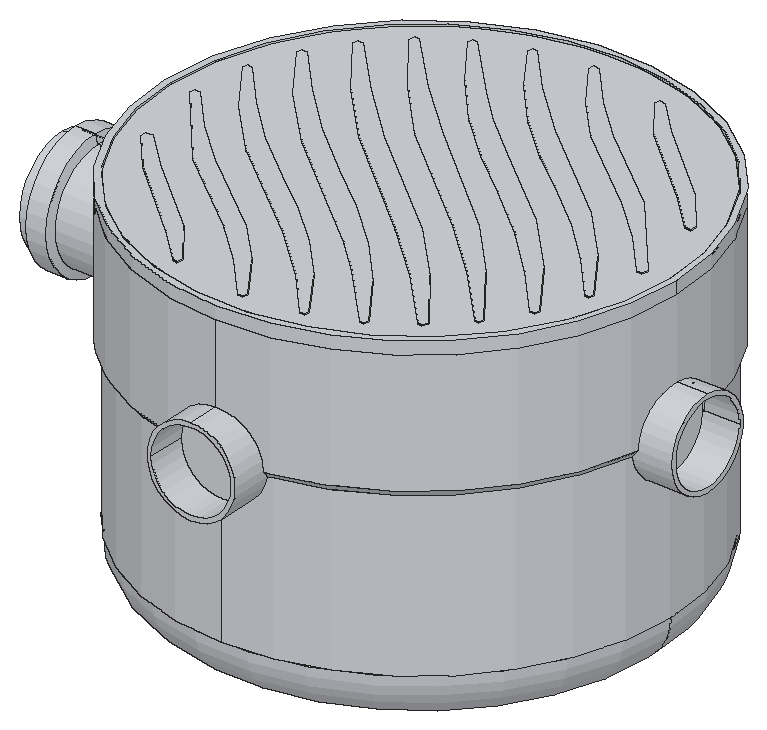
Revit family "Cx_Sifonada_Tampa Branca", category Plumbing Fixtures, host Face, Revit 2025
Family settings
  Host = Face
  Round Connector Dimension = Use Radius
  Part Type = Normal
  Enable Cutting in Views = No
  Cut with Voids When Loaded = No
  Maintain Annotation Orientation = No
  Shared = No
  Room Calculation Point = No
Parameters (values of type "250 x 172 x 50")
  URL = "http://www.tigre.com.br"
  UHC [instance] = 2
  Tigre: Sistema = "Esgoto"  # constant formula
  Tigre: Norma = ""
  Tigre: Material = "PVC Branco"  # constant formula
  Tigre: Marcador [instance] = "00"
  Tigre: Link do Produto = "http://www.tigre.com.br/pt/produtos_unico.php?rcr_id=4&cpr_id=10&cpr_id_pai=4&lnh_id=11&prd_id=123"
  Tigre: Linha = "Caixas e Ralos"  # constant formula
  Tigre: Fabricante = "© Tigre S/A"  # constant formula
  Tigre: Descrição = "Caixa Sifonada Montada c/ Tampa Branca 250 x 172 x 50mm, Esgoto - TIGRE"
  Tigre: Código com Separador [instance] = "27.13.132.8"
  Tigre: Código = 27131328
  Tigre: Comentários [instance] = ""
  Raio do Corpo 2 = 125.00 mm
  Raio do Corpo 1 = 128.00 mm
  Raio Interno Porta Grelha = 48.70 mm
  Raio Externo Porta Grelha = 53.50 mm
  Raio do Anel = 31.40 mm
  Raio Nominal 2 = Diâmetro Nominal 2 / 2  # 20.00 mm
  Raio Nominal 1 = Diâmetro Nominal 1 / 2  # 25.00 mm
  Raio Externo 2 = Raio Nominal 2 + 2.00 mm  # 22.00 mm
  Raio Externo 1 = Raio Nominal 1 + 2.00 mm  # 27.00 mm
  Prolongador. [instance] = none
  Prolongador [instance] = Distância do Prolongador > 0.00 mm  # no
  Porta Grelha [instance] = none
  Tampa [instance] = none
  P_Grelha = yes
  Model = ""
  Manufacturer = Tigre: Fabricante  # "© Tigre S/A"
  Grelha = yes
  Diâmetro Nominal 2 = 40.00 mm
  Diâmetro Nominal 1 = 50.00 mm
  Detalhes = Cota A = 230.00 mm  # no
  Description = Tigre: Descrição  # "Caixa Sifonada Montada c/ Tampa Branca 250 x 172 x 50mm, Esgoto - TIGRE"
  Default Elevation = 0.00 mm
  Cota L1 = 179.00 mm
  Distância do Prolongador [instance] = 0.00 mm
  Cota C = 111.00 mm
  Cota B = 111.00 mm
  Cota A = 172.00 mm
  Comprimento do Tubo [instance] = if(Distância do Prolongador > 0.00 mm, Distância do Prolongador + 12.00 mm, Distância do Prolongador + 1.00 mm)  # 1.00 mm
  Caixas e Ralos [instance] = none
  Anel = 10.00 mm
Types (5, lengths in mm): name | Tigre: Link do Produto | Tigre: Descrição | Tigre: Código com Separador | Tigre: Código | Raio do Anel | Raio Nominal 2 | Raio Nominal 1 | Raio Externo 2 | Raio Externo 1 | P_Grelha | Grelha | Diâmetro Nominal 2 | Diâmetro Nominal 1 | Detalhes | Description | Cota C | Cota B | Cota A
  (no name) | "http://www.tigre.com.br/pt/produtos_unico.php?rcr_id=4&cpr_id=10&cpr_id_pai=4&lnh_id=11&prd_id=123" | "Caixa Sifonada Montada c/ Tampa Branca 250 x 172 x 50mm, Esgoto - TIGRE" | "27.13.132.8" | 27131328 | 31.40 | 20.00 | 25.00 | 22.00 | 27.00 | yes | yes | 40.00 | 50.00 | no | "Caixa Sifonada Montada c/ Tampa Branca 250 x 172 x 50mm, Esgoto - TIGRE" | 111.00 | 111.00 | 172.00
  250 x 172 x 50 | "http://www.tigre.com.br/pt/produtos_unico.php?rcr_id=4&cpr_id=10&cpr_id_pai=4&lnh_id=11&prd_id=123" | "Caixa Sifonada Montada c/ Tampa Branca 250 x 172 x 50mm, Esgoto - TIGRE" | "27.13.132.8" | 27131328 | 31.40 | 20.00 | 25.00 | 22.00 | 27.00 | yes | yes | 40.00 | 50.00 | no | "Caixa Sifonada Montada c/ Tampa Branca 250 x 172 x 50mm, Esgoto - TIGRE" | 111.00 | 111.00 | 172.00
  250 x 230 x 75 | "http://www.tigre.com.br/pt/produtos_unico.php?rcr_id=4&cpr_id=10&cpr_id_pai=4&lnh_id=11&prd_id=123" | "Caixa Sifonada Montada c/ Tampa Branca 250 x 230 x 75mm, Esgoto - TIGRE" | "27.13.134.4" | 27131344 | 44.00 | 25.00 | 37.50 | 27.00 | 39.50 | yes | yes | 50.00 | 75.00 | yes | "Caixa Sifonada Montada c/ Tampa Branca 250 x 230 x 75mm, Esgoto - TIGRE" | 169.00 | 129.00 | 230.00
  Corpo - 250 x 172 x 50 | "http://www.tigre.com.br/pt/produtos_unico.php?rcr_id=4&cpr_id=10&cpr_id_pai=4&lnh_id=11&prd_id=131" | "Corpo Caixa Sifonada - 250 x 172 x 50mm, Esgoto - TIGRE" | "27.15.023.3" | 27150233 | 31.40 | 20.00 | 25.00 | 22.00 | 27.00 | no | no | 40.00 | 50.00 | no | "Corpo Caixa Sifonada - 250 x 172 x 50mm, Esgoto - TIGRE" | 111.00 | 111.00 | 172.00
  Corpo - 250 x 230 x 75 | "http://www.tigre.com.br/pt/produtos_unico.php?rcr_id=4&cpr_id=10&cpr_id_pai=4&lnh_id=11&prd_id=131" | "Corpo Caixa Sifonada - 250 x 230 x 75mm, Esgoto - TIGRE" | "27.15.022.5" | 27150225 | 44.00 | 25.00 | 37.50 | 27.00 | 39.50 | no | no | 50.00 | 75.00 | yes | "Corpo Caixa Sifonada - 250 x 230 x 75mm, Esgoto - TIGRE" | 169.00 | 129.00 | 230.00
Reference planes
  plane 1 "Center (Front/Back)": y = 0
  plane 2: z = 0
  plane 3 "Center (Left/Right)": x = 0
  plane 4: z = -178.5
  plane 5: z = -6.5
  plane 6: z = -67.5
  plane 7: z = -67.5
  plane 8: z = -3.5
  plane 9: z = -6.5
Forms (mm)
  Sweep 1, solid, material <- "Caixas e Ralos", detail levels fine
    path origin (0, 0, 0) x (1, 0, 0) y (0, 0, 1)
      loop
        line (0, -6.5) -> (0, -67.5)
    profile origin (0, 0, -37) x (0, -1, 0) y (1, 0, 0)
      loop
        circle (0, 0) r 128
  Revolve 2, solid, material <- "Caixas e Ralos", detail levels fine
    sketch origin (0, 0, 0) x (1, 0, 0) y (0, 0, 1)
      loop
        line (0, -152.137) -> (-125, -152.137)
        arc (-125, -152.137) -> (-117.279, -170.779) -> (-98.637, -178.5) r 26.363
        line (-98.637, -178.5) -> (0, -178.5) -> (0, -152.137)
      axis (0, -152.137) -> (0, -178.5)
    angle from 0 to 360
  Sweep 3, solid, material <- "Caixas e Ralos", detail levels fine
    path origin (0, 0, 0) x (1, 0, 0) y (0, 0, 1)
      loop
        line (0, -67.5) -> (-179, -67.5)
    profile origin (-89.5, 0, -67.5) x (0, 0, -1) y (0, -1, 0)
      loop
        circle (0, 0) r 27
  SweptBlend 4, solid, material <- "Caixas e Ralos", detail levels fine
    path origin (0, 0, 0) x (1, 0, 0) y (0, 0, 1)
      loop
        line (-173.761, -67.5) -> (-172.421, -67.5)
    profile origin (-173.761, 0, -67.5) x (0, 0, 1) y (0, -1, 0)
      loop
        circle (0, 0) r 27
    end profile origin (-172.421, 0, -67.5) x (0, 0, 1) y (0, -1, 0)
      loop
        circle (0, 0) r 31.4
  Sweep 5, solid, material <- "Caixas e Ralos", detail levels fine
    path origin (0, 0, 0) x (1, 0, 0) y (0, 0, 1)
      loop
        line (-172.421, -67.5) -> (-162.421, -67.5)
    profile origin (-167.421, 0, -67.5) x (0, 0, 1) y (0, -1, 0)
      loop
        circle (0, 0) r 31.4
  SweptBlend 6, solid, material <- "Caixas e Ralos", detail levels fine
    path origin (0, 0, 0) x (1, 0, 0) y (0, 0, 1)
      loop
        line (-162.421, -67.5) -> (-161.487, -67.5)
    profile origin (-162.421, 0, -67.5) x (0, 0, 1) y (0, -1, 0)
      loop
        circle (0, 0) r 31.4
    end profile origin (-161.487, 0, -67.5) x (0, 0, 1) y (0, -1, 0)
      loop
        circle (0, 0) r 27
  Sweep 7, solid, material <- "Caixas e Ralos", detail levels fine
    path origin (0, 0, 0) x (1, 0, 0) y (0, 0, 1)
      loop
        line (0, -71) -> (0, -152.137)
    profile origin (0, 0, -111.569) x (0, -1, 0) y (1, 0, 0)
      loop
        circle (0, 0) r 125
  SweptBlend 8, solid, material <- "Caixas e Ralos", detail levels fine
    path origin (0, 0, 0) x (1, 0, 0) y (0, 0, 1)
      loop
        line (0, -71) -> (0, -67.5)
    profile origin (0, 0, -71) x (-1, 0, 0) y (0, -1, 0)
      loop
        circle (0, 0) r 125
    end profile origin (0, 0, -67.5) x (-1, 0, 0) y (0, -1, 0)
      loop
        circle (0, 0) r 128
  Sweep 9, solid, material <- "Caixas e Ralos", detail levels fine
    path origin (0, 0, 0) x (1, 0, 0) y (0, 0, 1)
      loop
        line (0, -67.5) -> (143.5, -67.5)
    profile origin (71.75, 0, -67.5) x (0, 0, 1) y (0, -1, 0)
      loop
        circle (0, 0) r 22
  Sweep 10, solid, material <- "Caixas e Ralos", detail levels fine
    path origin (0, 0, 0) x (0, 1, 0) y (0, 0, 1)
      loop
        line (143.5, -67.5) -> (-143.5, -67.5)
    profile origin (0, 0, -67.5) x (0, 0, -1) y (1, 0, 0)
      loop
        circle (0, 0) r 22
  Sweep 11, void
    path origin (0, 0, 0) x (0, 1, 0) y (0, 0, 1)
      loop
        line (0, -67.5) -> (0, -152.1)
    profile origin (0, 0, -109.8) x (1, 0, 0) y (0, 1, 0)
      loop
        circle (0, 0) r 120
  Sweep 12, void
    path origin (0, 0, 0) x (0, 1, 0) y (0, 0, 1)
      loop
        line (0, -6.5) -> (0, -67.5)
    profile origin (0, 0, -37) x (1, 0, 0) y (0, 1, 0)
      loop
        circle (0, 0) r 125
  Sweep 13, solid, material <- "Tampa", visible <- "Grelha", detail levels fine
    path origin (0, 0, 0) x (1, 0, 0) y (0, 0, 1)
      loop
        line (0, -3.5) -> (0, -0.5)
    profile origin (0, 0, -2) x (-1, 0, 0) y (0, -1, 0)
      loop
        circle (0, 0) r 124.478
  Extrusion 14, solid, material <- "Tampa", visible <- "Grelha", detail levels fine
    sketch origin (0, 0, 0) x (1, 0, 0) y (0, 1, 0)
      loop
        line (36.076, 107.549) -> (33.303, 108.038) -> (32.809, 105.234) -> (48.425, 85.246) -> (85.672, 52.868) -> (103.774, 35.387) -> (106.966, 35.387) -> (106.966, 38.672) -> (90.896, 57.823) -> (51.925, 91.7) -> (36.076, 107.549)
      loop
        line (-1.353, 113.159) -> (-4.035, 113.632) -> (-4.532, 110.815) -> (11.414, 88.868) -> (29.994, 69.204) -> (72.587, 35.412) -> (92.633, 16.98) -> (110.892, -3.298) -> (113.384, -3.298) -> (114.081, -0.695) -> (79.574, 40.43) -> (36.487, 74.614) -> (16.943, 92.838) -> (-1.353, 113.159)
      loop
        line (-28.995, 109.13) -> (-31.532, 109.397) -> (-31.959, 106.975) -> (-15.635, 83.983) -> (3.271, 62.986) -> (24.621, 43.762) -> (43.802, 29.308) -> (68.217, 9.537) -> (88.16, -9.957) -> (107.093, -31.184) -> (109.617, -31.539) -> (110.108, -29.014) -> (92.113, -4.246) -> (68.243, 21.352) -> (15.977, 63.676) -> (-9.244, 87.195) -> (-28.995, 109.13)
      loop
        line (-51.993, 100.236) -> (-54.218, 100.469) -> (-54.613, 97.978) -> (-36.274, 72.738) -> (-15.686, 49.872) -> (6.303, 29.777) -> (29.378, 11.749) -> (55.119, -9.851) -> (77.582, -31.542) -> (98.227, -54.205) -> (100.769, -54.428) -> (101.205, -51.956) -> (81.552, -24.906) -> (54.825, 3.228) -> (13.04, 37.815) -> (-8.111, 55.322) -> (-24.609, 71.254) -> (-51.993, 100.236)
      loop
        line (-73.793, 84.72) -> (-50.863, 55.37) -> (-24.988, 27.737) -> (32.38, -20.4) -> (59.768, -45.94) -> (85.62, -73.391) -> (88.133, -73.611) -> (88.528, -71.116) -> (65.819, -41.209) -> (40.267, -14.076) -> (-16.536, 34.249) -> (-44.483, 59.788) -> (-70.754, 87.591) -> (-73.241, 87.853) -> (-73.793, 84.72)
      loop
        line (-36.701, -109.424) -> (-33.928, -109.913) -> (-33.434, -107.109) -> (-49.05, -87.121) -> (-86.297, -54.743) -> (-104.399, -37.262) -> (-107.591, -37.262) -> (-107.591, -40.547) -> (-91.521, -59.698) -> (-52.55, -93.575) -> (-36.701, -109.424)
      loop
        line (0.728, -115.034) -> (3.41, -115.507) -> (3.907, -112.69) -> (-12.039, -90.743) -> (-30.619, -71.079) -> (-73.212, -37.287) -> (-93.258, -18.855) -> (-111.517, 1.423) -> (-114.009, 1.423) -> (-114.706, -1.18) -> (-80.199, -42.305) -> (-37.112, -76.489) -> (-17.568, -94.713) -> (0.728, -115.034)
      loop
        line (28.37, -111.005) -> (30.907, -111.272) -> (31.334, -108.85) -> (15.01, -85.858) -> (-3.896, -64.861) -> (-25.246, -45.637) -> (-44.427, -31.183) -> (-68.842, -11.412) -> (-88.785, 8.082) -> (-107.718, 29.309) -> (-110.242, 29.664) -> (-110.733, 27.139) -> (-92.738, 2.371) -> (-68.868, -23.227) -> (-16.602, -65.551) -> (8.619, -89.07) -> (28.37, -111.005)
      loop
        line (51.368, -102.111) -> (53.593, -102.344) -> (53.988, -99.853) -> (35.649, -74.613) -> (15.061, -51.747) -> (-6.928, -31.652) -> (-30.003, -13.624) -> (-55.744, 7.976) -> (-78.207, 29.667) -> (-98.852, 52.33) -> (-101.394, 52.553) -> (-101.83, 50.081) -> (-82.177, 23.031) -> (-55.45, -5.103) -> (-13.665, -39.69) -> (7.486, -57.197) -> (23.984, -73.129) -> (51.368, -102.111)
      loop
        line (73.168, -86.595) -> (50.238, -57.245) -> (24.363, -29.612) -> (-33.005, 18.525) -> (-60.393, 44.065) -> (-86.245, 71.516) -> (-88.758, 71.736) -> (-89.153, 69.241) -> (-66.444, 39.334) -> (-40.892, 12.201) -> (15.911, -36.124) -> (43.858, -61.663) -> (70.129, -89.466) -> (72.616, -89.728) -> (73.168, -86.595)
    from -0.5 to 0
  Sweep 15, solid, material <- "Porta Grelha", visible <- "P_Grelha", detail levels fine
    path origin (0, 0, 0) x (1, 0, 0) y (0, 0, 1)
      loop
        line (0, -6.5) -> (0, 0)
    profile origin (0, 0, -3.25) x (-1, 0, 0) y (0, -1, 0)
      loop
        circle (0, 0) r 128
      loop
        circle (0, 0) r 125
  Revolve 16, solid, material <- "Porta Grelha", visible <- "P_Grelha", detail levels fine
    sketch origin (0, 0, 0) x (1, 0, 0) y (0, 0, 1)
      loop
        line (-118.92, -23) -> (-118.92, -3.5) -> (-125, -3.5) -> (-125, -6.5) -> (-123.509, -6.5) -> (-123.509, -15) -> (-121.821, -15) -> (-121.821, -23) -> (-118.92, -23)
      axis (0, -23) -> (0, -3.5)
    angle from 0 to 360
  Sweep 17, void
    path origin (196.171, -4572, -67.5) x (0, -1, 0) y (1, 0, 0)
      loop
        line (-4428.5, -196.171) -> (-4447, -196.171)
    profile origin (0, -134.25, -67.5) x (-1, 0, 0) y (0, 0, 1)
      loop
        circle (0, 0) r 20
  Sweep 18, void
    path origin (196.171, -4572, -67.5) x (0, -1, 0) y (1, 0, 0)
      loop
        line (-4715.5, -196.171) -> (-4697, -196.171)
    profile origin (0, 134.25, -67.5) x (1, 0, 0) y (0, 0, 1)
      loop
        circle (0, 0) r 20
  Sweep 19, void
    path origin (196.171, -4572, -67.5) x (0, -1, 0) y (1, 0, 0)
      loop
        line (-4572, -52.671) -> (-4572, -71.171)
    profile origin (134.25, 0, -67.5) x (0, -1, 0) y (0, 0, 1)
      loop
        circle (0, 0) r 20
  Sweep 20, void
    path origin (196.171, -4572, -67.5) x (0, -1, 0) y (1, 0, 0)
      loop
        line (-4572, -375.171) -> (-4572, -324.171)
    profile origin (-153.5, 0, -67.5) x (0, 1, 0) y (0, 0, 1)
      loop
        circle (0, 0) r 25
Cuts and joins
  Sweep 11, Sweep 12, Sweep 17, Sweep 18, Sweep 19, Sweep 20 cuts Sweep 1
  Sweep 11, Sweep 12, Sweep 17, Sweep 18, Sweep 19, Sweep 20 cuts Revolve 2
  Sweep 11, Sweep 12, Sweep 17, Sweep 18, Sweep 19, Sweep 20 cuts Sweep 3
  Sweep 11, Sweep 12, Sweep 17, Sweep 18, Sweep 19, Sweep 20 cuts SweptBlend 4
  Sweep 11, Sweep 12, Sweep 17, Sweep 18, Sweep 19, Sweep 20 cuts Sweep 5
  Sweep 11, Sweep 12, Sweep 17, Sweep 18, Sweep 19, Sweep 20 cuts SweptBlend 6
  Sweep 11, Sweep 12, Sweep 17, Sweep 18, Sweep 19, Sweep 20 cuts Sweep 7
  Sweep 11, Sweep 12, Sweep 17, Sweep 18, Sweep 19, Sweep 20 cuts SweptBlend 8
  Sweep 11, Sweep 12, Sweep 19 cuts Sweep 9
  Sweep 11, Sweep 12, Sweep 17, Sweep 18 cuts Sweep 10
  joined: Sweep 1, Revolve 2, Sweep 3, SweptBlend 4, Sweep 5, SweptBlend 6, Sweep 7, SweptBlend 8, Sweep 9, Sweep 10
  joined: Sweep 13, Extrusion 14
  joined: Sweep 15, Revolve 16
Lines and regions (mm)
  model lines, detail levels coarse+medium
    curve 1: line (-128, 0, -67.5) -> (-80, 0, -67.5)
    curve 2: line (-128, 22, -67.5) -> (-128, -22, -67.5)
    curve 3: circle (0, 0, -67.5) r 80 normal (0, 0, -1)
    curve 4: line (80, 0, -67.5) -> (125, 0, -67.5)
    curve 5: line (0, 80, -67.5) -> (0, 125, -67.5)
    curve 6: line (0, -80, -67.5) -> (0, -125, -67.5)
    curve 7: line (-22, -125, -67.5) -> (22, -125, -67.5)
    curve 8: line (125, 22, -67.5) -> (125, -22, -67.5)
    curve 9: line (-22, 125, -67.5) -> (22, 125, -67.5)
  model lines, visible <- "Detalhes", detail levels coarse+medium
    curve 10: line (-80, 0, -67.5) -> (-80, 0, -71)
Dimensions and locks
  "Cota A": plane 5 to plane 4
  "Cota B": plane 6 to plane 4
  "Cota L1": plane 3 "Center (Left/Right)" to Sweep 3 sketch curve
  locked: cut or joined group of Sweep 1, Revolve 2, Sweep 3, SweptBlend 4, Sweep 5, SweptBlend 6, Sweep 7, SweptBlend 8, Sweep 9, Sweep 10, Sweep 11, Sweep 12, Sweep 17, Sweep 18, Sweep 19, Sweep 20 to SweptBlend 4 sketch curve at 5.239
  locked: SweptBlend 4 sketch curve to SweptBlend 4 sketch curve at 1.34
  "Anel": Sweep 5 sketch curve to Sweep 5 sketch curve
  locked: SweptBlend 6 sketch curve to SweptBlend 6 sketch curve at 0.934
  "Cota C": plane 7 to plane 4
  Sweep 7 sketch curve to plane 4 = 26.363 mm
  plane 7 to Sweep 7 sketch curve = 3.50 mm
  plane 7 to SweptBlend 8 sketch curve = 3.50 mm
  "Raio do Corpo 2": plane 3 "Center (Left/Right)" to Revolve 2 sketch curve
  Sweep 9 sketch curve to plane 3 "Center (Left/Right)" = 143.50 mm
  Sweep 11 sketch curve to plane 4 = 26.40 mm
  locked: level to Sweep 13 sketch curve at 0.5
  locked: level to plane 8 at 3.5
  "Distância do Prolongador": plane 9 to plane 5
  plane 8 to Revolve 16 sketch curve to Revolve 16 sketch curve = 11.50 mm locked, 8.00 mm locked
  "Raio do Corpo 1": radius of Sweep 1 sketch curve
  "Raio Externo 1": radius of Sweep 3 sketch curve
  "Raio do Anel": radius of SweptBlend 4 sketch curve
  "Raio Externo 1": radius of SweptBlend 6 sketch curve
  "Raio do Corpo 2": radius of Sweep 7 sketch curve
  "Raio Externo 2": radius of Sweep 9 sketch curve
  "Raio Externo 2": radius of Sweep 10 sketch curve
  "Raio Nominal 2": radius of Sweep 17 sketch curve
  "Raio Nominal 2": radius of Sweep 18 sketch curve
  "Raio Nominal 2": radius of Sweep 19 sketch curve
  "Raio Nominal 1": radius of Sweep 20 sketch curve
  aligned and locked: plane 2 to host face
  aligned and locked: level to host face
  aligned and locked: plane 5 to Sweep 1 sketch curve
  aligned and locked: Sweep 1 sketch curve to plane 3 "Center (Left/Right)"
  aligned and locked: Revolve 2 sketch curve to plane 3 "Center (Left/Right)"
  aligned and locked: plane 4 to Revolve 2 sketch curve
  aligned and locked: Revolve 2 sketch curve to plane 4
  aligned and locked: SweptBlend 4 sketch curve to Sweep 3  (x2)
  aligned and locked: cut or joined group of Sweep 1, Revolve 2, Sweep 3, SweptBlend 4, Sweep 5, SweptBlend 6, Sweep 7, SweptBlend 8, Sweep 9, Sweep 10, Sweep 11, Sweep 12, Sweep 17, Sweep 18, Sweep 19, Sweep 20 to Sweep 5 sketch curve
  aligned and locked: Sweep 5 sketch curve to cut or joined group of Sweep 1, Revolve 2, Sweep 3, SweptBlend 4, Sweep 5, SweptBlend 6, Sweep 7, SweptBlend 8, Sweep 9, Sweep 10, Sweep 11, Sweep 12, Sweep 17, Sweep 18, Sweep 19, Sweep 20  (x2)
  aligned and locked: Sweep 5 to SweptBlend 6 sketch curve
  aligned and locked: SweptBlend 6 sketch curve to Sweep 5  (x2)
  aligned and locked: Sweep 3 sketch curve to plane 6
  aligned and locked: plane 6 to Sweep 5 sketch curve
  aligned and locked: plane 6 to SweptBlend 4 sketch curve
  aligned and locked: plane 6 to SweptBlend 6 sketch curve
  aligned and locked: Sweep 7 sketch curve to plane 3 "Center (Left/Right)"
  aligned and locked: plane 7 to Sweep 1 sketch curve
  aligned and locked: plane 7 to SweptBlend 8 sketch curve
  aligned and locked: SweptBlend 8 sketch curve to cut or joined group of Sweep 1, Revolve 2, Sweep 3, SweptBlend 4, Sweep 5, SweptBlend 6, Sweep 7, SweptBlend 8, Sweep 9, Sweep 10, Sweep 11, Sweep 12, Sweep 17, Sweep 18, Sweep 19, Sweep 20  (x2)
  aligned and locked: SweptBlend 8 sketch curve to Sweep 7  (x2)
  aligned and locked: Revolve 2 sketch curve to Sweep 7
  aligned and locked: Revolve 2 sketch curve to Revolve 2 sketch curve
  aligned and locked: plane 3 "Center (Left/Right)" to Sweep 9 sketch curve
  aligned and locked: plane 7 to Sweep 9 sketch curve
  aligned and locked: plane 7 to Sweep 10 sketch curve
  aligned and locked: Sweep 11 sketch curve to plane 1 "Center (Front/Back)"
  aligned and locked: plane 7 to Sweep 11 sketch curve
  aligned and locked: Sweep 12 sketch curve to plane 1 "Center (Front/Back)"
  aligned and locked: plane 7 to Sweep 12 sketch curve
  aligned and locked: plane 5 to Sweep 12 sketch curve
  aligned and locked: Sweep 12 sketch curve to cut or joined group of Sweep 1, Revolve 2, Sweep 3, SweptBlend 4, Sweep 5, SweptBlend 6, Sweep 7, SweptBlend 8, Sweep 9, Sweep 10, Sweep 11, Sweep 12, Sweep 17, Sweep 18, Sweep 19, Sweep 20  (x2)
  aligned and locked: Sweep 13 sketch curve to plane 3 "Center (Left/Right)"
  aligned and locked: plane 8 to Sweep 13 sketch curve
  aligned and locked: Extrusion 14 to Sweep 13
  aligned and locked: level to Extrusion 14
  aligned and locked: level to Sweep 15 sketch curve
  aligned and locked: plane 9 to Sweep 15 sketch curve
  aligned and locked: Revolve 16 sketch curve to plane 8
  aligned and locked: Revolve 16 sketch curve to plane 9
  aligned and locked: plane 9 to nested 1
  aligned and locked: curve 2 to cut or joined group of Sweep 1, Revolve 2, Sweep 3, SweptBlend 4, Sweep 5, SweptBlend 6, Sweep 7, SweptBlend 8, Sweep 9, Sweep 10, Sweep 11, Sweep 12, Sweep 17, Sweep 18, Sweep 19, Sweep 20
Automatic sketch dimensions
  host sketch curve to host sketch curve = 359.389 mm
  host sketch curve to host sketch curve = 358.23 mm
  plane 1 "Center (Front/Back)" to Sweep 1 sketch curve = 0.00 mm
  Sweep 1 sketch curve to profile plane = 0.00 mm
  Sweep 3 sketch curve to plane 1 "Center (Front/Back)" = 0.00 mm
  Sweep 3 sketch curve to profile plane = 0.00 mm
  Sweep 3 sketch curve to plane 3 "Center (Left/Right)" = 0.00 mm
  SweptBlend 4 sketch curve to plane 1 "Center (Front/Back)" = 0.00 mm
  profile plane to SweptBlend 4 sketch curve = 0.00 mm
  SweptBlend 6 sketch curve to plane 1 "Center (Front/Back)" = 0.00 mm
  profile plane to SweptBlend 6 sketch curve = 0.00 mm
  plane 1 "Center (Front/Back)" to Sweep 7 sketch curve = 0.00 mm
  Sweep 7 sketch curve to profile plane = 0.00 mm
  SweptBlend 8 sketch curve to plane 3 "Center (Left/Right)" = 0.00 mm
  Revolve 2 sketch curve to plane 4 = 0.00 mm
  Revolve 2 sketch curve to plane 4 = 7.21 mm
  Sweep 9 sketch curve to plane 1 "Center (Front/Back)" = 0.00 mm
  profile plane to Sweep 9 sketch curve = 0.00 mm
  Sweep 10 sketch curve to plane 3 "Center (Left/Right)" = 0.00 mm
  Sweep 10 sketch curve to profile plane = 0.00 mm
  Sweep 11 sketch curve to plane 3 "Center (Left/Right)" = 0.00 mm
  profile plane to Sweep 11 sketch curve = 0.00 mm
  plane 1 "Center (Front/Back)" to Sweep 13 sketch curve = 0.00 mm
  Sweep 13 sketch curve to profile plane = 0.00 mm
  plane 1 "Center (Front/Back)" to Sweep 10 sketch curve = 143.50 mm
  Sweep 10 sketch curve to plane 1 "Center (Front/Back)" = 143.50 mm
  plane 1 "Center (Front/Back)" to curve 1 = 0.00 mm
  curve 2 to plane 1 "Center (Front/Back)" = 22.00 mm
  curve 1 to curve 2 = 22.00 mm
  curve 2 to curve 1 = 48.00 mm
  plane 1 "Center (Front/Back)" to Extrusion 14 sketch curve = 1.18 mm
  Extrusion 14 sketch curve to plane 3 "Center (Left/Right)" = 114.706 mm
  Extrusion 14 sketch curve to plane 1 "Center (Front/Back)" = 1.423 mm
  Extrusion 14 sketch curve to Extrusion 14 sketch curve = 0.698 mm  (x2)
  Extrusion 14 sketch curve to Extrusion 14 sketch curve = 2.492 mm  (x2)
  Extrusion 14 sketch curve to plane 1 "Center (Front/Back)" = 27.139 mm
  Extrusion 14 sketch curve to Extrusion 14 sketch curve = 0.784 mm
  Extrusion 14 sketch curve to plane 1 "Center (Front/Back)" = 29.664 mm
  Extrusion 14 sketch curve to Extrusion 14 sketch curve = 0.491 mm  (x2)
  Extrusion 14 sketch curve to plane 1 "Center (Front/Back)" = 29.309 mm
  Extrusion 14 sketch curve to Extrusion 14 sketch curve = 2.524 mm  (x2)
  Extrusion 14 sketch curve to Extrusion 14 sketch curve = 7.116 mm
  Extrusion 14 sketch curve to Extrusion 14 sketch curve = 3.191 mm  (x2)
  Extrusion 14 sketch curve to plane 1 "Center (Front/Back)" = 50.081 mm
  Extrusion 14 sketch curve to Extrusion 14 sketch curve = 5.889 mm  (x2)
  Extrusion 14 sketch curve to Extrusion 14 sketch curve = 0.436 mm  (x2)
  Extrusion 14 sketch curve to Extrusion 14 sketch curve = 2.541 mm  (x2)
  plane 1 "Center (Front/Back)" to Extrusion 14 sketch curve = 18.855 mm
  Extrusion 14 sketch curve to Extrusion 14 sketch curve = 11.141 mm  (x2)
  Extrusion 14 sketch curve to plane 1 "Center (Front/Back)" = 2.371 mm
  Extrusion 14 sketch curve to Extrusion 14 sketch curve = 18.779 mm  (x2)
  Extrusion 14 sketch curve to Extrusion 14 sketch curve = 16.07 mm
  Extrusion 14 sketch curve to Extrusion 14 sketch curve = 9.699 mm  (x2)
  Extrusion 14 sketch curve to plane 1 "Center (Front/Back)" = 8.082 mm
  Extrusion 14 sketch curve to Extrusion 14 sketch curve = 3.953 mm  (x2)
  Extrusion 14 sketch curve to Extrusion 14 sketch curve = 0.395 mm  (x4)
  Extrusion 14 sketch curve to Extrusion 14 sketch curve = 5.224 mm  (x2)
  Extrusion 14 sketch curve to Extrusion 14 sketch curve = 2.513 mm  (x2)
  Extrusion 14 sketch curve to plane 1 "Center (Front/Back)" = 23.031 mm
  Extrusion 14 sketch curve to Extrusion 14 sketch curve = 6.608 mm  (x2)
  Extrusion 14 sketch curve to Extrusion 14 sketch curve = 6.098 mm  (x2)
  Extrusion 14 sketch curve to plane 1 "Center (Front/Back)" = 29.667 mm
  Extrusion 14 sketch curve to Extrusion 14 sketch curve = 3.97 mm  (x2)
  Extrusion 14 sketch curve to Extrusion 14 sketch curve = 12.452 mm  (x2)
  Extrusion 14 sketch curve to Extrusion 14 sketch curve = 0.552 mm  (x2)
  Extrusion 14 sketch curve to Extrusion 14 sketch curve = 6.987 mm  (x2)
  Extrusion 14 sketch curve to Extrusion 14 sketch curve = 2.487 mm  (x2)
  plane 1 "Center (Front/Back)" to Extrusion 14 sketch curve = 23.227 mm
  Extrusion 14 sketch curve to Extrusion 14 sketch curve = 4.344 mm  (x2)
  plane 1 "Center (Front/Back)" to Extrusion 14 sketch curve = 11.412 mm
  Extrusion 14 sketch curve to Extrusion 14 sketch curve = 0.026 mm  (x2)
  Extrusion 14 sketch curve to Extrusion 14 sketch curve = 11.763 mm  (x2)
  Extrusion 14 sketch curve to Extrusion 14 sketch curve = 6.051 mm  (x2)
  Extrusion 14 sketch curve to plane 1 "Center (Front/Back)" = 7.976 mm
  Extrusion 14 sketch curve to Extrusion 14 sketch curve = 13.098 mm
  plane 1 "Center (Front/Back)" to Extrusion 14 sketch curve = 5.103 mm
  Extrusion 14 sketch curve to Extrusion 14 sketch curve = 0.294 mm  (x2)
  Extrusion 14 sketch curve to Extrusion 14 sketch curve = 16.141 mm  (x2)
  Extrusion 14 sketch curve to Extrusion 14 sketch curve = 33.747 mm
  Extrusion 14 sketch curve to Extrusion 14 sketch curve = 2.225 mm  (x2)
  Extrusion 14 sketch curve to Extrusion 14 sketch curve = 9.53 mm  (x2)
  Extrusion 14 sketch curve to Extrusion 14 sketch curve = 3.50 mm  (x2)
  Extrusion 14 sketch curve to Extrusion 14 sketch curve = 6.38 mm  (x2)
  Extrusion 14 sketch curve to Extrusion 14 sketch curve = 24.441 mm
  Extrusion 14 sketch curve to plane 1 "Center (Front/Back)" = 12.201 mm
  Extrusion 14 sketch curve to Extrusion 14 sketch curve = 14.853 mm
  Extrusion 14 sketch curve to Extrusion 14 sketch curve = 11.938 mm  (x2)
  Extrusion 14 sketch curve to Extrusion 14 sketch curve = 15.849 mm
  Extrusion 14 sketch curve to Extrusion 14 sketch curve = 8.208 mm  (x2)
  Extrusion 14 sketch curve to Extrusion 14 sketch curve = 2.773 mm  (x2)
  Extrusion 14 sketch curve to Extrusion 14 sketch curve = 0.494 mm  (x2)
  Extrusion 14 sketch curve to Extrusion 14 sketch curve = 7.886 mm  (x2)
  Extrusion 14 sketch curve to Extrusion 14 sketch curve = 20.034 mm  (x2)
  Extrusion 14 sketch curve to Extrusion 14 sketch curve = 0.427 mm  (x2)
  Extrusion 14 sketch curve to Extrusion 14 sketch curve = 6.493 mm  (x2)
  plane 1 "Center (Front/Back)" to Extrusion 14 sketch curve = 13.624 mm
  Extrusion 14 sketch curve to Extrusion 14 sketch curve = 14.424 mm  (x2)
  Extrusion 14 sketch curve to Extrusion 14 sketch curve = 2.538 mm  (x2)
  Extrusion 14 sketch curve to Extrusion 14 sketch curve = 19.182 mm
  Extrusion 14 sketch curve to Extrusion 14 sketch curve = 8.018 mm  (x2)
  Extrusion 14 sketch curve to Extrusion 14 sketch curve = 11.666 mm  (x2)
  Extrusion 14 sketch curve to plane 3 "Center (Left/Right)" = 17.568 mm
  Extrusion 14 sketch curve to Extrusion 14 sketch curve = 14.017 mm  (x2)
  Extrusion 14 sketch curve to Extrusion 14 sketch curve = 8.452 mm  (x2)
  Extrusion 14 sketch curve to Extrusion 14 sketch curve = 0.85 mm  (x2)
  Extrusion 14 sketch curve to Extrusion 14 sketch curve = 8.974 mm  (x2)
  Extrusion 14 sketch curve to Extrusion 14 sketch curve = 11.581 mm  (x2)
  Extrusion 14 sketch curve to Extrusion 14 sketch curve = 5.53 mm  (x2)
  Extrusion 14 sketch curve to Extrusion 14 sketch curve = 6.391 mm  (x2)
  Extrusion 14 sketch curve to plane 3 "Center (Left/Right)" = 8.111 mm
  Extrusion 14 sketch curve to plane 3 "Center (Left/Right)" = 6.928 mm
  Extrusion 14 sketch curve to plane 3 "Center (Left/Right)" = 4.532 mm
  Extrusion 14 sketch curve to Extrusion 14 sketch curve = 0.497 mm  (x2)
  Extrusion 14 sketch curve to plane 3 "Center (Left/Right)" = 3.896 mm
  Extrusion 14 sketch curve to plane 3 "Center (Left/Right)" = 1.353 mm
  plane 3 "Center (Left/Right)" to Extrusion 14 sketch curve = 0.728 mm
  plane 3 "Center (Left/Right)" to Extrusion 14 sketch curve = 3.271 mm
  Extrusion 14 sketch curve to Extrusion 14 sketch curve = 2.682 mm
  plane 3 "Center (Left/Right)" to Extrusion 14 sketch curve = 6.303 mm
  plane 3 "Center (Left/Right)" to Extrusion 14 sketch curve = 7.486 mm
  plane 3 "Center (Left/Right)" to Extrusion 14 sketch curve = 8.619 mm
  plane 3 "Center (Left/Right)" to Extrusion 14 sketch curve = 11.414 mm
  Extrusion 14 sketch curve to Extrusion 14 sketch curve = 6.737 mm
  Extrusion 14 sketch curve to Extrusion 14 sketch curve = 7.576 mm
  Extrusion 14 sketch curve to Extrusion 14 sketch curve = 12.706 mm
  Extrusion 14 sketch curve to Extrusion 14 sketch curve = 24.463 mm
  Extrusion 14 sketch curve to plane 1 "Center (Front/Back)" = 11.749 mm
  Extrusion 14 sketch curve to Extrusion 14 sketch curve = 23.075 mm
  Extrusion 14 sketch curve to Extrusion 14 sketch curve = 15.865 mm
  plane 1 "Center (Front/Back)" to Extrusion 14 sketch curve = 14.076 mm
  Extrusion 14 sketch curve to plane 1 "Center (Front/Back)" = 3.228 mm
  Extrusion 14 sketch curve to Extrusion 14 sketch curve = 14.559 mm
  plane 1 "Center (Front/Back)" to Extrusion 14 sketch curve = 9.851 mm
  Extrusion 14 sketch curve to plane 1 "Center (Front/Back)" = 9.537 mm
  Extrusion 14 sketch curve to Extrusion 14 sketch curve = 13.392 mm
  Extrusion 14 sketch curve to plane 1 "Center (Front/Back)" = 21.352 mm
  Extrusion 14 sketch curve to plane 1 "Center (Front/Back)" = 35.412 mm
  plane 1 "Center (Front/Back)" to Extrusion 14 sketch curve = 31.542 mm
  plane 1 "Center (Front/Back)" to Extrusion 14 sketch curve = 24.906 mm
  plane 1 "Center (Front/Back)" to Extrusion 14 sketch curve = 9.957 mm
  plane 1 "Center (Front/Back)" to Extrusion 14 sketch curve = 4.246 mm
  Extrusion 14 sketch curve to plane 1 "Center (Front/Back)" = 16.98 mm
  Extrusion 14 sketch curve to Extrusion 14 sketch curve = 0.52 mm
  Extrusion 14 sketch curve to plane 1 "Center (Front/Back)" = 38.672 mm
  plane 1 "Center (Front/Back)" to Extrusion 14 sketch curve = 31.184 mm
  plane 1 "Center (Front/Back)" to Extrusion 14 sketch curve = 31.539 mm
  plane 1 "Center (Front/Back)" to Extrusion 14 sketch curve = 29.014 mm
  plane 1 "Center (Front/Back)" to Extrusion 14 sketch curve = 3.298 mm
  plane 1 "Center (Front/Back)" to Extrusion 14 sketch curve = 0.695 mm
  Extrusion 14 sketch curve to Extrusion 14 sketch curve = 18.028 mm  (x2)
  Extrusion 14 sketch curve to Extrusion 14 sketch curve = 4.471 mm
  Extrusion 14 sketch curve to Extrusion 14 sketch curve = 18.407 mm
  Extrusion 14 sketch curve to Extrusion 14 sketch curve = 14.061 mm
  Extrusion 14 sketch curve to Extrusion 14 sketch curve = 8.038 mm  (x2)
  Extrusion 14 sketch curve to Extrusion 14 sketch curve = 3.285 mm  (x2)
  Extrusion 14 sketch curve to Extrusion 14 sketch curve = 9.666 mm  (x2)
  Extrusion 14 sketch curve to Extrusion 14 sketch curve = 5.018 mm  (x2)
  Extrusion 14 sketch curve to Extrusion 14 sketch curve = 5.948 mm  (x2)
  Extrusion 14 sketch curve to Extrusion 14 sketch curve = 4.731 mm  (x2)
  Extrusion 14 sketch curve to Extrusion 14 sketch curve = 15.623 mm  (x2)
  Extrusion 14 sketch curve to Extrusion 14 sketch curve = 20.771 mm
  Extrusion 14 sketch curve to Extrusion 14 sketch curve = 2.25 mm  (x2)
  Extrusion 14 sketch curve to Extrusion 14 sketch curve = 2.472 mm  (x2)
  Extrusion 14 sketch curve to Extrusion 14 sketch curve = 12.438 mm  (x2)
  Extrusion 14 sketch curve to Extrusion 14 sketch curve = 5.45 mm  (x2)
  Extrusion 14 sketch curve to Extrusion 14 sketch curve = 11.306 mm  (x2)
  Extrusion 14 sketch curve to Extrusion 14 sketch curve = 4.955 mm  (x2)
  Extrusion 14 sketch curve to Extrusion 14 sketch curve = 4.418 mm  (x2)
  Extrusion 14 sketch curve to Extrusion 14 sketch curve = 7.664 mm  (x2)
  Extrusion 14 sketch curve to Extrusion 14 sketch curve = 0.69 mm  (x2)
  Extrusion 14 sketch curve to Extrusion 14 sketch curve = 5.528 mm  (x2)
  Extrusion 14 sketch curve to Extrusion 14 sketch curve = 16.91 mm  (x2)
  Extrusion 14 sketch curve to Extrusion 14 sketch curve = 15.932 mm  (x2)
  Extrusion 14 sketch curve to Extrusion 14 sketch curve = 2.275 mm  (x2)
  Extrusion 14 sketch curve to Extrusion 14 sketch curve = 0.22 mm  (x2)
  Extrusion 14 sketch curve to Extrusion 14 sketch curve = 1.484 mm  (x2)
  Extrusion 14 sketch curve to Extrusion 14 sketch curve = 5.41 mm  (x2)
  Extrusion 14 sketch curve to Extrusion 14 sketch curve = 12.729 mm  (x2)
  Extrusion 14 sketch curve to Extrusion 14 sketch curve = 13.204 mm  (x2)
  Extrusion 14 sketch curve to Extrusion 14 sketch curve = 10.632 mm  (x2)
  Extrusion 14 sketch curve to Extrusion 14 sketch curve = 3.212 mm  (x2)
  Extrusion 14 sketch curve to Extrusion 14 sketch curve = 2.872 mm  (x2)
  Extrusion 14 sketch curve to Extrusion 14 sketch curve = 0.261 mm  (x2)
  Extrusion 14 sketch curve to Extrusion 14 sketch curve = 1.673 mm  (x2)
  Extrusion 14 sketch curve to Extrusion 14 sketch curve = 6.454 mm  (x2)
  Extrusion 14 sketch curve to Extrusion 14 sketch curve = 3.971 mm  (x2)
  Extrusion 14 sketch curve to Extrusion 14 sketch curve = 10.387 mm  (x2)
  Extrusion 14 sketch curve to Extrusion 14 sketch curve = 2.257 mm  (x2)
  Extrusion 14 sketch curve to Extrusion 14 sketch curve = 0.234 mm  (x2)
  Extrusion 14 sketch curve to Extrusion 14 sketch curve = 12.395 mm  (x2)
  Extrusion 14 sketch curve to Extrusion 14 sketch curve = 6.74 mm  (x2)
  Extrusion 14 sketch curve to Extrusion 14 sketch curve = 2.315 mm  (x2)
  Extrusion 14 sketch curve to Extrusion 14 sketch curve = 2.155 mm  (x2)
  Extrusion 14 sketch curve to Extrusion 14 sketch curve = 2.422 mm  (x2)
  Extrusion 14 sketch curve to Extrusion 14 sketch curve = 23.621 mm  (x2)
  Extrusion 14 sketch curve to Extrusion 14 sketch curve = 2.344 mm  (x2)
  Extrusion 14 sketch curve to Extrusion 14 sketch curve = 17.559 mm  (x2)
  Extrusion 14 sketch curve to Extrusion 14 sketch curve = 6.511 mm  (x2)
  Extrusion 14 sketch curve to Extrusion 14 sketch curve = 6.324 mm  (x2)
  Extrusion 14 sketch curve to Extrusion 14 sketch curve = 9.212 mm
  Sweep 15 sketch curve to plane 3 "Center (Left/Right)" = 0.00 mm
  Sweep 15 sketch curve to Sweep 15 sketch curve = 0.00 mm  (x2)
  plane 1 "Center (Front/Back)" to Sweep 15 sketch curve = 0.00 mm
  Sweep 15 sketch curve to profile plane = 0.00 mm
  Revolve 16 sketch curve to plane 3 "Center (Left/Right)" = 118.92 mm
  Revolve 16 sketch curve to Revolve 16 sketch curve = 2.901 mm
  Revolve 16 sketch curve to Revolve 16 sketch curve = 1.688 mm
  Revolve 16 sketch curve to Revolve 16 sketch curve = 1.491 mm
  Revolve 16 sketch curve to plane 5 = 10.00 mm
  plane 9 to Revolve 16 sketch curve = 1.50 mm
  Revolve 16 sketch curve to plane 3 "Center (Left/Right)" = 0.00 mm
  curve 5 to plane 3 "Center (Left/Right)" = 0.00 mm
  plane 1 "Center (Front/Back)" to curve 3 = 0.00 mm
  plane 1 "Center (Front/Back)" to curve 4 = 0.00 mm
  curve 6 to plane 3 "Center (Left/Right)" = 0.00 mm
  curve 3 to plane 3 "Center (Left/Right)" = 0.00 mm
  curve 8 to plane 1 "Center (Front/Back)" = 22.00 mm
  plane 3 "Center (Left/Right)" to curve 9 = 22.00 mm
  curve 4 to curve 8 = 22.00 mm
  curve 7 to plane 3 "Center (Left/Right)" = 22.00 mm
  curve 6 to curve 7 = 45.00 mm
  curve 9 to plane 3 "Center (Left/Right)" = 22.00 mm
  curve 6 to curve 7 = 22.00 mm
  curve 10 to plane 6 = 0.00 mm
  curve 10 to plane 3 "Center (Left/Right)" = 80.00 mm
  plane 6 to curve 10 = 3.50 mm
  Sweep 17 sketch curve to plane 3 "Center (Left/Right)" = 0.00 mm
  plane 1 "Center (Front/Back)" to Sweep 17 sketch curve = 125.00 mm
  Sweep 17 sketch curve to Sweep 17 sketch curve = 18.50 mm
  Sweep 17 sketch curve to plane 7 = 0.00 mm
  Sweep 17 sketch curve to profile plane = 0.00 mm
  Sweep 18 sketch curve to plane 3 "Center (Left/Right)" = 0.00 mm
  Sweep 18 sketch curve to plane 1 "Center (Front/Back)" = 143.50 mm
  Sweep 18 sketch curve to Sweep 18 sketch curve = 18.50 mm
  Sweep 18 sketch curve to plane 7 = 0.00 mm
  profile plane to Sweep 18 sketch curve = 0.00 mm
  plane 1 "Center (Front/Back)" to Sweep 19 sketch curve = 0.00 mm
  plane 3 "Center (Left/Right)" to Sweep 19 sketch curve = 125.00 mm
  Sweep 19 sketch curve to Sweep 19 sketch curve = 18.50 mm
  plane 7 to Sweep 19 sketch curve = 0.00 mm
  Sweep 19 sketch curve to profile plane = 0.00 mm
  plane 1 "Center (Front/Back)" to Sweep 20 sketch curve = 0.00 mm
  Sweep 20 sketch curve to plane 3 "Center (Left/Right)" = 179.00 mm
  Sweep 20 sketch curve to Sweep 20 sketch curve = 51.00 mm
  plane 7 to Sweep 20 sketch curve = 0.00 mm
  Sweep 20 sketch curve to profile plane = 0.00 mm
  curve 5 to plane 1 "Center (Front/Back)" = 80.00 mm
  curve 9 to curve 5 = 45.00 mm
  curve 4 to curve 8 = 45.00 mm
  radius of Sweep 11 sketch curve = 120.00 mm
  radius of Sweep 13 sketch curve = 124.478 mm
  radius of Sweep 15 sketch curve = 128.00 mm
  radius of Sweep 15 sketch curve = 125.00 mm
Nested families
  nested 1: "Prolongamento para Caixa Sifonada - Caixas e Ralos - Esgoto - MEP - Tigre" at (0, 0, -6.5), Comprimento do Tubo <- "Comprimento do Tubo", visible <- "Prolongador", Acabamento <- "Prolongador.", Tigre: Comentários <- "Tigre: Comentários", Tigre: Marcador <- "Tigre: Marcador", type "250 x 200 mm"
    with Tigre: Marcador "00", Tigre: Código com Separador "27.30.748.5", Tigre: Código 27307485, Tigre: Comentários "", Comprimento do Tubo 1.00 mm, Acabamento none, Unifilar 100.00 mm, Raio Nominal 125.00 mm, Raio Externo 123.50 mm, Raio Interno 121.03 mm, Diâmetro Nominal 250.00 mm
Connectors
  piping at (-128, 0, -67.5), diameter 50, driven by "Raio Nominal 1"
    settings: on cut or joined group of Sweep 1, Revolve 2, Sweep 3, SweptBlend 4, Sweep 5, SweptBlend 6, Sweep 7, SweptBlend 8, Sweep 9, Sweep 10, Sweep 11, Sweep 12, Sweep 17, Sweep 18, Sweep 19, Sweep 20, index 1, connector inside diameter 50.00 mm, connector length 0.00 mm, flow factor 0, pipe flow 0 GPM, pressure drop 0.00 psi, fitting loss kfactor 0, connector angle 0.00°, fixture units 0, engagement length 0.00 mm, angle of deflection 0.00°, flow configuration 0, flow direction 2, fitting loss method 0, system type 16, joint type 0, gender type 0, connector reference index 2, connector utility 1, adjustable connector yes, is connector primary yes, connector description ""
  piping at (125, 0, -67.5), diameter 40, driven by "Raio Nominal 2"
    settings: on Sweep 19, index 2, connector inside diameter 40.00 mm, connector length 0.00 mm, flow factor 0, pipe flow 0 GPM, pressure drop 0.00 psi, fitting loss kfactor 0, connector angle 0.00°, fixture units 0, engagement length 0.00 mm, angle of deflection 0.00°, flow configuration 0, flow direction 1, fitting loss method 0, system type 16, joint type 0, gender type 0, connector reference index 1, connector utility 1, adjustable connector yes, is connector primary no, connector description ""
  piping at (0, -125, -67.5), diameter 40, driven by "Raio Nominal 2"
    settings: on Sweep 17, index 3, connector inside diameter 40.00 mm, connector length 0.00 mm, flow factor 0, pipe flow 0 GPM, pressure drop 0.00 psi, fitting loss kfactor 0, connector angle 0.00°, fixture units 0, engagement length 0.00 mm, angle of deflection 0.00°, flow configuration 0, flow direction 1, fitting loss method 0, system type 16, joint type 0, gender type 0, connector reference index 4, connector utility 1, adjustable connector yes, is connector primary no, connector description ""
  piping at (0, 125, -67.5), diameter 40, driven by "Raio Nominal 2"
    settings: on Sweep 18, index 4, connector inside diameter 40.00 mm, connector length 0.00 mm, flow factor 0, pipe flow 0 GPM, pressure drop 0.00 psi, fitting loss kfactor 0, connector angle 0.00°, fixture units 0, engagement length 0.00 mm, angle of deflection 0.00°, flow configuration 0, flow direction 1, fitting loss method 0, system type 16, joint type 0, gender type 0, connector reference index 3, connector utility 1, adjustable connector yes, is connector primary no, connector description ""
Definition of nested family "Prolongamento para Caixa Sifonada - Caixas e Ralos - Esgoto - MEP - Tigre"
  Parameters
    Unifilar = Diâmetro Nominal * 0.4  # 40.00 mm
    URL = "http://www.tigre.com.br"
    Type Comments = ""
    Tigre: Sistema = "Esgoto"  # constant formula
    Tigre: Norma = ""
    Tigre: Material = "PVC Branco"  # constant formula
    Tigre: Marcador [instance] = "00"
    Tigre: Link do Produto = "http://www.tigre.com.br/pt/produtos_unico.php?rcr_id=4&cpr_id=10&cpr_id_pai=4&lnh_id=11&prd_id=150"
    Tigre: Linha = "Caixas e Ralos"  # constant formula
    Tigre: Fabricante = "© Tigre S/A"  # constant formula
    Tigre: Descrição = "Prolongamento p/ Caixa Sifonada 100 x 100mm, Esgoto - TIGRE"
    Tigre: Código com Separador [instance] = "27.30.748.5"
    Tigre: Código [instance] = 27307485
    Tigre: Comentários [instance] = ""
    Raio Nominal = 50.00 mm
    Raio Externo = 48.40 mm
    Raio Interno = 0.98 * Raio Externo  # 47.432 mm
    Model = ""
    Manufacturer = Tigre: Fabricante  # "© Tigre S/A"
    Diâmetro Nominal = Raio Nominal * 2  # 100.00 mm
    Description = Tigre: Descrição  # "Prolongamento p/ Caixa Sifonada 100 x 100mm, Esgoto - TIGRE"
    Default Elevation = 0.00 mm
    Comprimento do Tubo [instance] = 100.00 mm
    Acabamento [instance] = none
  Reference planes
    plane 1 "Center (Front/Back)": y = 0
    plane 2: z = 0
    plane 3 "Center (Left/Right)": x = 0
    plane 4: z = -100
    plane 5: z = 0
  Forms (mm)
    Sweep 1, solid, material <- "Acabamento", detail levels fine
      path origin (0, 0, 0) x (0, 0, -1) y (0, 1, 0)
        loop
          line (0, 0) -> (100, 0)
      profile origin (0, 0, -50) x (1, 0, 0) y (0, 1, 0)
        loop
          circle (0, 0) r 47.432
        loop
          circle (0, 0) r 48.4
  Dimensions and locks
    "Comprimento do Tubo": plane 5 to plane 4
    "Raio Externo": radius of Sweep 1 sketch curve
    "Raio Interno": radius of Sweep 1 sketch curve
    aligned and locked: plane 1 "Center (Front/Back)" to Sweep 1 sketch curve
    aligned and locked: level to Sweep 1 sketch curve
    aligned and locked: plane 4 to Sweep 1 sketch curve
  Automatic sketch dimensions
    Sweep 1 sketch curve to Sweep 1 sketch curve = 0.00 mm  (x2)
    Sweep 1 sketch curve to profile plane = 0.00 mm  (x2)
